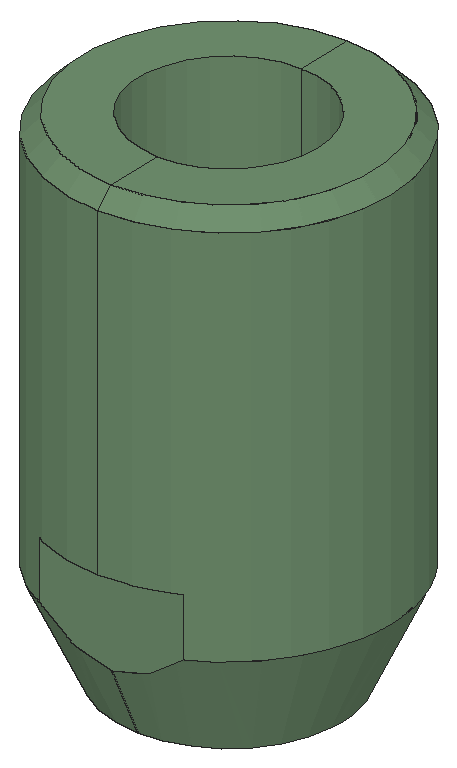
Revit family "PRD_FrankeWS_ShwrHds_EmergencyShowerhead_FAID0001", category Plumbing Fixtures, Revit 2018
Family settings
  Round Connector Dimension = Use Diameter
  Part Type = Normal
  OmniClass Number = 23.45.05.14.99
  OmniClass Title = Other Sanitary Washing Plumbing Fixtures
  Work Plane-Based = Yes
  Always vertical = Yes
  Cut with Voids When Loaded = No
  Shared = No
  Room Calculation Point = No
Parameters (values of type "FAID0001")
  WarrantyStartDate [instance] = "1900-12-31T23:59:59"
  WarrantyGuarantorParts = "n/a"
  WarrantyGuarantorLabor = "n/a"
  WarrantyDurationUnit = "year"
  WarrantyDurationParts = "n/a"
  WarrantyDurationLabor = "n/a"
  WarrantyDescription = "n/a"
  VolumeFlowRate = "1.83 l/s at 3 bar"
  Version = "1"
  Uniclass2015Version = "Products v1.17"
  Uniclass2015Title = "Shower heads"
  Uniclass2015Code = "Pr_40_20_87_76"
  URL = "www.kwc.com"
  TypeOfFitting = "Cantilever connection"
  Type = "EMERG-SHOWER-HEAD"
  TagNumber [instance] = "n/a"
  SustainabilityPerformance = "n/a"
  SpoutProjection = "n/a"
  Size = "40 x 62 x 40 mm (W x H x D)"
  ShowerType = "Individual"
  ShowerHeadDescription = "Emergency shower head"
  Shape = "n/a"
  SerialNumber [instance] = "n/a"
  Revision = "n/a"
  ReplacementCost = "n/a"
  ProductInformation = "https://pim.kwc.com/product/2030018810/attachment/datasheet?locale=en"
  NominalWidth = 40.000 mm
  NominalHeight = 62.000 mm
  NominalDepth = 40.000 mm
  NetWeight = 0.4 kg
  Name = "Emergency Showerhead FAID0001"
  NBSTypeID = "n/a"
  NBSReference = "45-35-70/333"
  NBSOfficeMasterTag = "n/a"
  NBSNote = "n/a"
  NBSDescription = "Shower heads"
  NBSCertification = "n/a"
  ModelReference = "FAID0001"
  ModelNumber = "2030018810"
  Model = ModelReference  # "FAID0001"
  Material = "brass"
  ManufacturerURL = "www.kwc.com"
  ManufacturerName = "KWC Group AG"  # constant formula
  Manufacturer = ManufacturerName  # "KWC Group AG"
  IntegralAccessories = "n/a"
  InstallationDate [instance] = "1900-12-31T23:59:59"
  InletSize = "DN-20-3-4INH"
  IfcExportType = "SHOWER"
  IfcExportAs = "IfcSanitaryTerminalType"
  HasTray = "FALSE"
  GrossWeight = 0.4 kg
  Grade = "n/a"
  FittingMaterial = PRD_AR_Brass_EPSCoated_Green
  Finish = "EPS coated"
  Features = "DN 20, self-draining"
  ExpectedLife = "n/a"
  DurationUnit = "year"
  DrainSize = 20.000 mm
  DiameterNominal = 20 mm
  Default Elevation = 0.000 mm
  Description = "Emergency shower head DN 20, self-draining, green EPS coated brass (RAL 6032). Complies with EN 15154, Part 1. Volumetric flow rate approx. 65 l/min at 1 bar pressure, volumetric flow rate approx. 110 l/min at 3 bar pressure."
  CreatedOn = "03/2021"  # constant formula
  Constituents = "n/a"
  Color = "green"
  CodePerformance = "n/a"
  Category = "Pr_40_20_87_76, Shower heads"
  BarCode [instance] = "n/a"
  BIMObjectName = "PRD_AR_ShowerHeads_EmergencyShowerhead_FAID0001"
  Author = "Archispace"  # constant formula
  AssetType = "Fixed"
  AssetIdentifier [instance] = "n/a"
  AccessibilityPerformance = "n/a"
Reference planes
  plane 1 "Center (Front/Back)": y = 0
  plane 2: z = 0
  plane 3 "Center (Left/Right)": x = 0
Forms (mm)
  Revolve 1, solid, material "PRD_AR_Brass_EPSCoated_Green" <- "FittingMaterial", detail levels fine
    sketch origin (0, 0, 0) x (0, 1, 0) y (0, 0, 1)
      loop
        line (20, -2) -> (18, 0) -> (11, 0) -> (11, -61.9) -> (14, -61.9) -> (20, -49.033) -> (20, -2)
      axis (0, 0) -> (0, -61.9)
    angle from 0 to 360
  Extrusion 2, void
    sketch origin (0.041, 0.041, 0) x (0, 1, 0) y (-1, 0, 0)
      loop
        line (-18, 20.982) -> (-28, 20.982) -> (-28, -20.9) -> (-18, -20.9) -> (-18, 20.982)
      loop
        line (18, 20.982) -> (18, -20.9) -> (28, -20.9) -> (28, 20.982) -> (18, 20.982)
    from -61.9 to -41.9
  Revolve 3, solid, material "PRD_AR_Brass_EPSCoated_Green" <- "FittingMaterial", detail levels medium
    sketch origin (0, 0, 0) x (0, 1, 0) y (0, 0, 1)
      loop
        line (20, 0) -> (0, 0) -> (0, -61.9) -> (14, -61.9) -> (20, -49.033) -> (20, 0)
      axis (0, 0) -> (0, -61.9)
    angle from 0 to 360
  Revolve 4, solid, material "PRD_AR_Brass_EPSCoated_Green" <- "FittingMaterial", detail levels coarse
    sketch origin (0, 0, 0) x (0, 1, 0) y (0, 0, 1)
      loop
        line (20, 0) -> (0, 0) -> (0, -61.9) -> (20, -61.9) -> (20, 0)
      axis (0, 0) -> (0, -61.9)
    angle from 0 to 360
Cuts and joins
  Extrusion 2 cuts Revolve 1
Dimensions and locks
  aligned and locked: level to plane 2
Connectors
  piping at (0, 0, 0), diameter 20, driven by "DiameterNominal"
    settings: on cut or joined group of Revolve 1, Extrusion 2, index 1, connector inside diameter 609.6 mm, connector length 0.000 mm, flow factor 0, pipe flow 0.0 L/s, pressure drop 0.0 Pa, fitting loss kfactor 0, connector angle 0.00°, fixture units 0, engagement length 0.000 mm, angle of deflection 0.00°, flow configuration 1, flow direction 1, fitting loss method 0, system type 28, joint type 0, gender type 0, connector reference index -1, connector utility 0, adjustable connector no, is connector primary yes, connector description ""
